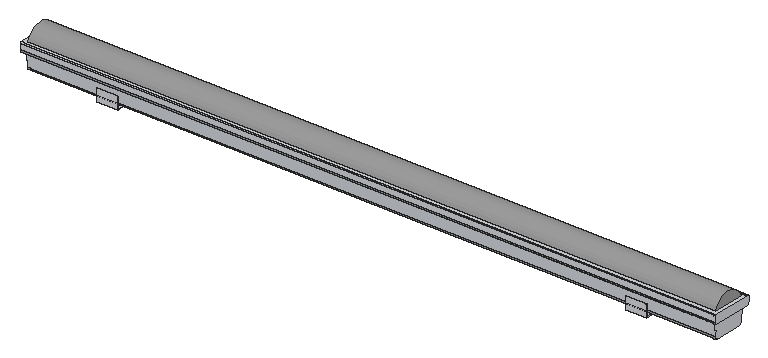
Revit family "0010269", category Lighting Fixtures, host Face, Revit 2017
Family settings
  Host = Face
  Round Connector Dimension = Use Diameter
  Part Type = Normal
  OmniClass Number = 23.80.70.00
  OmniClass Title = Lighting
  Cut with Voids When Loaded = No
  Light Source = Yes
  Shared = No
  Room Calculation Point = No
Parameters (values of type "0010269 RESISTO 1500 HE IP66 7100LM 840")
  Weight = "1.95 kg"
  Wattage Comments = ""
  Wattage = 46 W
  WarrantyStartDate [instance] = "n/a"
  WarrantyGuarantorParts = "n/a"
  WarrantyDurationUnit = "n/a"
  WarrantyDurationParts = "n/a"
  WarrantyDescription = "n/a"
  WIDTH_SYL = 44.5 mm
  built-in parameter 1150110 = 1 (stored number, unit not read)
  Voltage = 0 V
  URL = "http://www.sylvania-lighting.com"
  TypeName = "Resisto  1500 HE IP66 7100lm 840"
  Type Image = <None>
  Type Comments = "n/a"
  built-in parameter 1114217 = 1 (stored number, unit not read)
  Tilt Angle = -90.00°
  built-in parameter 1150109 = 1 (stored number, unit not read)
  built-in parameter 1150134 = 12
  TOP_WIDTH_SYL = 33.5 mm
  built-in parameter 1150113 = 1 (stored number, unit not read)
  SerialNumber [instance] = "n/a"
  Photometric Web File = "0010269.ies"
  Material_3_SYL = none
  PowerFactor = 0.95
  PowerConsumption = "46 W"
  NominalLength = 1500 mm
  NominalHeight = 80 mm
  NominalDepth = 87 mm
  Name = "Resisto  1500 HE IP66 7100lm 840"
  ModelReference = Name  # "Resisto  1500 HE IP66 7100lm 840"
  ModelNumber = "0010269"
  Model = Name  # "Resisto  1500 HE IP66 7100lm 840"
  Material = "pc polycarbonate housing, pc polycarbonate diffuser"
  ManufacturerName = "Feilo Sylvania"
  Manufacturer = "Feilo Sylvania"
  MID_WIDTH_SYL = 36 mm
  LuminousEfficacy = "154 lm/W"
  built-in parameter 1150105 = 2362.2 (stored number, unit not read)
  Lumens = 7084 lm
  LuminaireType = ""
  built-in parameter 1150115 = 1 (stored number, unit not read)
  LightOutputRatio = "n/a"
  built-in parameter 1150137 = (empty or 0)
  built-in parameter 1150139 = (empty or 0)
  LampsType = Lamp  # "LED"
  LampNominalLuminous = "7100 lm"
  LampMacAdamStep = "3"
  LampColourTemperature = "4000 K"
  LampColourRenderingIndex = "80"
  built-in parameter 1150112 = 1 (stored number, unit not read)
  built-in parameter 1150114 = 1 (stored number, unit not read)
  Lamp = "LED"
  LENGHT_SYL = if(L1500_SYL, 742 mm, if(L1200_SYL, 592 mm, 317 mm))  # 742 mm
  LENGHT_CHAMFER_SYL = if(L1500_SYL, 750 mm, if(L1200_SYL, 600 mm, 325 mm))  # 750 mm
  LENGHT_650_SYL = 325 mm
  LENGHT-_SYL = if(L1500_SYL, -742 mm, if(L1200_SYL, -592 mm, -317 mm))  # -742 mm
  LENGHT-_CHAMFER_SYL = if(L1500_SYL, -750 mm, if(L1200_SYL, -600 mm, -325 mm))  # -750 mm
  LEGHT_650-_SYL = -325 mm
  LEGHT_1500_SYL = 750 mm
  LEGHT_1500-_SYL = -750 mm
  LEGHT_1200_SYL = 600 mm
  LEGHT_1200-_SYL = -600 mm
  L0650_SYL = no
  L1500_SYL = yes
  L1200_SYL = no
  Keynote = "16500"
  InstallationDate [instance] = "n/a"
  InputVoltage = "n/a"
  InputNominalFrequency = "n/a"
  built-in parameter 1150132 = (empty or 0)
  built-in parameter 1150102 = (empty or 0)
  built-in parameter 1150107 = 4000 (stored number, unit not read)
  built-in parameter 1150138 = (empty or 0)
  IngressProtection = "IP66"
  ImpactProtectionIndex = "IK08"
  built-in parameter 1150106 = 23.622 (stored number, unit not read)
  IfcExportType = "IfcLightFixtureType"
  IfcExportAs = "IfcLightFixtureType"
  Emit from Circle Diameter = 609.6 mm
  Emit Shape Visible in Rendering = no
  ElectricShockClassification = "Class I"
  built-in parameter 1150104 = 14.307 (stored number, unit not read)
  DocumentationLiterature = "http://www.sylvania-lighting.com/product/en-int/products/0010269"
  DimmingControlOptions = "n/a"
  Material_2_SYL = none
  Dimming Lamp Color Temperature Shift = <None>
  Description = "Resisto, integrated LED weatherproof luminaire, with UV stabilized flat diffuser designed to achieve uniform lit appearance, optimise light output and to reduce glare. 301 stainless steel diffuser clips and fixing brackets for surface mounting. Polycarbonate housing and diffuser - no yellow discolouration over time. 7100lm; 46W; 154lm/W; 4000K; SDCM<3; non dimmable; CRI80; IP66; IK08; Class I; 69,000hrs (L80B20) lifespan; 1500mm x 89mm x 88mm; D-mark."
  Default Elevation = 1219.2 mm
  DIF_WIDHT_SYL = 35 mm
  DIF_HEIGHT_SYL = 24 mm
  CreatedOn = "3/10/2021"
  CreatedBy = "@sylvania-lighting.com"
  Cost = 0
  Color Filter = 16777215
  built-in parameter 1114216 [instance] = (empty or 0)
  ClassificationValue = "EF_70_80"
  ClassificationName = "Uniclass2015"
  Material_1_SYL = Default
  CHAMFER_SYL = 19 mm
  BarCode [instance] = "n/a"
  built-in parameter 1114218 = 1 (stored number, unit not read)
  BRACKET_WIDTH_SYL = BRACKET_DIST_SYL - 44 mm  # 550 mm
  BRACKET_HEIGHT_SYL = 9 mm
  BRACKET_DIST_SYL = LENGHT_CHAMFER_SYL - 156 mm  # 594 mm
  BODY_SYL = 36 mm
  built-in parameter 1150133 = 10 (stored number, unit not read)
  AssetType = "Fixed"
  AssetIdentifier [instance] = "n/a"
  Assembly Code = "D5020200"
  Apparent Load = 46 VA
  Material_4_SYL = none
Reference planes
  plane 1 "Center (Front/Back)": y = 0
  plane 2: z = 0
  plane 3 "Center (Left/Right)": x = 0
  plane 4: z = 9
  plane 5: z = 45
  plane 6: z = 64
  plane 7: z = 88
  plane 8: y = -44.5
  plane 9: y = 44.5
  plane 10: y = -35
  plane 11: y = 35
  plane 12: y = 33.5
  plane 13: y = -33.5
  plane 14: y = -36
  plane 15: y = 36
  plane 16: z = 1
Forms (mm)
  Extrusion 1, solid
    sketch origin (319, 1524, 1219.2) x (0, 1, 0) y (0, 0, 1)
      loop
        line (-1552.835, -1210.2) -> (-1495.165, -1210.2)
        arc (-1495.165, -1210.2) -> (-1491.754, -1208.856) -> (-1490.177, -1205.546) r 5
        line (-1490.177, -1205.546) -> (-1488.323, -1178.854) -> (-1488, -1174.2) -> (-1560, -1174.2) -> (-1559.677, -1178.854) -> (-1557.823, -1205.546)
        arc (-1557.823, -1205.546) -> (-1556.246, -1208.856) -> (-1552.835, -1210.2) r 5
    from -742 <- "LENGHT-_SYL" to 742 <- "LENGHT_SYL"
  Extrusion 2, solid, material "Default" <- "Material_1_SYL"
    sketch origin (319, 1524, 1219.2) x (0, 1, 0) y (0, 0, 1)
      loop
        arc (-1490.5, -1155.2) -> (-1524, -1131.2) -> (-1557.5, -1155.2) r 35.38
        line (-1557.5, -1155.2) -> (-1490.5, -1155.2)
    from -742 <- "LENGHT-_SYL" to 742 <- "LENGHT_SYL"
  Extrusion 3, solid
    sketch origin (319, 1524, 1219.2) x (0, 1, 0) y (0, 0, 1)
      loop
        line (-1481.5, -1155.2) -> (-1566.5, -1155.2)
        arc (-1566.5, -1155.2) -> (-1567.914, -1155.786) -> (-1568.5, -1157.2) r 2
        line (-1568.5, -1157.2) -> (-1568.5, -1169.2)
        arc (-1568.5, -1169.2) -> (-1567.036, -1172.736) -> (-1563.5, -1174.2) r 5
        line (-1563.5, -1174.2) -> (-1484.5, -1174.2)
        arc (-1484.5, -1174.2) -> (-1480.964, -1172.736) -> (-1479.5, -1169.2) r 5
        line (-1479.5, -1169.2) -> (-1479.5, -1157.2)
        arc (-1479.5, -1157.2) -> (-1480.086, -1155.786) -> (-1481.5, -1155.2) r 2
    from -750 <- "LENGHT-_CHAMFER_SYL" to 750 <- "LENGHT_CHAMFER_SYL"
  Extrusion 4, solid
    sketch origin (319, 1524, 1219.2) x (0, 1, 0) y (0, 0, 1)
      loop
        line (-1489, -1219.2) -> (-1489, -1192.216) -> (-1490.5, -1192.216) -> (-1490.5, -1218.2) -> (-1557.5, -1218.2) -> (-1557.5, -1192.172) -> (-1559, -1192.172) -> (-1559, -1219.2) -> (-1489, -1219.2)
    from 550 <- "BRACKET_WIDTH_SYL" to 594 <- "BRACKET_DIST_SYL"
  Extrusion 5, solid
    sketch origin (321, 1524, 1219.2) x (0, 1, 0) y (0, 0, -1)
      loop
        line (-1489, 1219.2) -> (-1559, 1219.2) -> (-1559, 1192.172) -> (-1557.5, 1192.172) -> (-1557.5, 1218.2) -> (-1490.5, 1218.2) -> (-1490.5, 1192.216) -> (-1489, 1192.216) -> (-1489, 1219.2)
    from 550 <- "BRACKET_WIDTH_SYL" to 594 <- "BRACKET_DIST_SYL"
Dimensions and locks
  "BRACKET_HEIGHT_SYL": plane 4 to host face
  "BODY_SYL": plane 4 to plane 5
  "CHAMFER_SYL": plane 5 to plane 6
  "DIF_HEIGHT_SYL": plane 6 to plane 7
  "WIDTH_SYL": plane 9 to plane 1 "Center (Front/Back)" to plane 8
  "DIF_WIDHT_SYL": plane 11 to plane 1 "Center (Front/Back)" to plane 10
  "TOP_WIDTH_SYL": plane 12 to plane 1 "Center (Front/Back)" to plane 13
  "MID_WIDTH_SYL": plane 15 to plane 1 "Center (Front/Back)" to plane 14
  aligned and locked: plane 2 to host face
  aligned and locked: level to host face
  aligned and locked: Extrusion 3 sketch curve to plane 6
  aligned and locked: Extrusion 3 sketch curve to plane 9
  aligned and locked: plane 5 to Extrusion 3 sketch curve
  aligned and locked: plane 8 to Extrusion 3 sketch curve
Automatic sketch dimensions
  host sketch curve to host sketch curve = 2438.4 mm  (x2)
  plane 5 to Extrusion 1 sketch curve = 0 mm
  Extrusion 1 sketch curve to plane 14 = 0 mm
  plane 4 to Extrusion 1 sketch curve = 0 mm
  Extrusion 1 sketch curve to plane 15 = 0 mm
  Extrusion 1 sketch curve to plane 14 = 0.323 mm
  plane 13 to Extrusion 1 sketch curve = 0.323 mm
  Extrusion 1 sketch curve to plane 13 = 4.665 mm
  plane 12 to Extrusion 1 sketch curve = 4.665 mm
  Extrusion 1 sketch curve to plane 12 = 0.323 mm
  plane 15 to Extrusion 1 sketch curve = 0.323 mm
  Extrusion 1 sketch curve to plane 4 = 4.654 mm  (x2)
  plane 5 to Extrusion 1 sketch curve = 4.654 mm  (x2)
  plane 6 to Extrusion 2 sketch curve = 0 mm
  Extrusion 2 sketch curve to plane 13 = 0 mm
  Extrusion 2 sketch curve to plane 1 "Center (Front/Back)" = 0 mm
  Extrusion 2 sketch curve to plane 5 = 7.62 mm
  Extrusion 3 sketch curve to plane 8 = 2 mm
  plane 14 to Extrusion 3 sketch curve = 3.5 mm
  Extrusion 3 sketch curve to plane 15 = 3.5 mm
  plane 6 to Extrusion 3 sketch curve = 2 mm
  Extrusion 4 sketch curve to level = 0 mm
  Extrusion 4 sketch curve to plane 10 = 0 mm
  Extrusion 4 sketch curve to plane 13 = 0 mm
  Extrusion 4 sketch curve to plane 12 = 0 mm
  Extrusion 4 sketch curve to plane 11 = 0 mm
  plane 16 to Extrusion 4 sketch curve = 0 mm
  Extrusion 4 sketch curve to plane 4 = 17.984 mm
  plane 5 to Extrusion 4 sketch curve = 17.972 mm
  Extrusion 5 sketch curve to level = 0 mm
  Extrusion 5 sketch curve to plane 10 = 0 mm
  Extrusion 5 sketch curve to plane 13 = 0 mm
  Extrusion 5 sketch curve to plane 12 = 0 mm
  Extrusion 5 sketch curve to plane 11 = 0 mm
  plane 16 to Extrusion 5 sketch curve = 0 mm
  Extrusion 5 sketch curve to plane 4 = 17.984 mm
  plane 5 to Extrusion 5 sketch curve = 17.972 mm
Connectors
  electrical at (-423, 0, 27)
    settings: on Extrusion 1, index 1, voltage 0 V, apparent load 0 VA, apparent load phase1 0 VA, apparent load phase2 0 VA, apparent load phase3 0 VA, power factor 1, load classification "Other", number of poles 1, system type 31, power factor state 1, is connector primary yes, connector utility no, sub classification motor no, connector description ""
Types (60, lengths in mm): name | Weight | Wattage | TypeName | built-in parameter 1150134 | Photometric Web File | PowerFactor | PowerConsumption | NominalLength | Name | ModelReference | ModelNumber | Model | LuminousEfficacy | built-in parameter 1150105 | Lumens | LampNominalLuminous | LampMacAdamStep | LampColourTemperature | LENGHT_SYL | LENGHT_CHAMFER_SYL | LENGHT-_SYL | LENGHT-_CHAMFER_SYL | L0650_SYL | L1500_SYL | L1200_SYL | built-in parameter 1150107 | built-in parameter 1150106 | built-in parameter 1150104 | DocumentationLiterature | Description | BRACKET_WIDTH_SYL | BRACKET_DIST_SYL | Apparent Load
  0010278 RESISTO 1500 HE IP66 8300LM 840 | "1.95 kg" | 54 W | "Resisto 1500 HE IP66 8300lm 840" | 12 | "0010278.ies" | 0.95 | "54 W" | 1500 | "Resisto 1500 HE IP66 8300lm 840" | "Resisto 1500 HE IP66 8300lm 840" | "0010278" | "Resisto 1500 HE IP66 8300lm 840" | "154 lm/W" | 2674.3 (stored number, unit not read) | 8316 lm | "8300 lm" | "3" | "4000 K" | 742 | 750 | -742 | -750 | no | yes | no | 4000 (stored number, unit not read) | 26.743 (stored number, unit not read) | 14.307 (stored number, unit not read) | "http://www.sylvania-lighting.com/product/en-int/products/0010278" | "Resisto, integrated LED weatherproof luminaire, with UV stabilized flat diffuser designed to achieve uniform lit appearance, optimise light output and to reduce glare. 301 stainless steel diffuser clips and fixing brackets for surface mounting. Polycarbonate housing and diffuser - no yellow discolouration over time. 8300lm; 54W; 154lm/W; 4000K; SDCM<3; non dimmable; CRI80; IP66; IK08; Class I; 69,000hrs (L80B20) lifespan; 1500mm x 89mm x 88mm; D-mark." | 550 | 594 | 54 VA
  0010274 RESISTO 1500 HE IP66 DALI 7100LM 840 | "2.01 kg" | 46 W | "Resisto 1500 HE IP66 DALI 7100lm 840" | 12 | "0010274.ies" | 0.98 | "46 W" | 1500 | "Resisto 1500 HE IP66 DALI 7100lm 840" | "Resisto 1500 HE IP66 DALI 7100lm 840" | "0010274" | "Resisto 1500 HE IP66 DALI 7100lm 840" | "154 lm/W" | 2362.2 (stored number, unit not read) | 7084 lm | "7100 lm" | "3" | "4000 K" | 742 | 750 | -742 | -750 | no | yes | no | 4000 (stored number, unit not read) | 23.622 (stored number, unit not read) | 14.307 (stored number, unit not read) | "http://www.sylvania-lighting.com/product/en-int/products/0010274" | "Resisto, integrated LED weatherproof luminaire, with UV stabilized flat diffuser designed to achieve uniform lit appearance, optimise light output and to reduce glare. 301 stainless steel diffuser clips and fixing brackets for surface mounting. Polycarbonate housing and diffuser - no yellow discolouration over time. 7100lm; 46W; 154lm/W; 4000K; SDCM<3; DALI dimmable; CRI80; IP66; IK08; Class I; 69,000hrs (L80B20) lifespan; 1500mm x 89mm x 88mm; D-mark." | 550 | 594 | 46 VA
  0010273 RESISTO 1500 HE IP66 DALI 4000LM 840 | "1.95 kg" | 25 W | "Resisto 1500 HE IP66 DALI 4000lm 840" | 12 | "0010273.ies" | 0.98 | "25 W" | 1500 | "Resisto 1500 HE IP66 DALI 4000lm 840" | "Resisto 1500 HE IP66 DALI 4000lm 840" | "0010273" | "Resisto 1500 HE IP66 DALI 4000lm 840" | "160 lm/W" | 1286.3 (stored number, unit not read) | 4000 lm | "4000 lm" | "3" | "4000 K" | 742 | 750 | -742 | -750 | no | yes | no | 4000 (stored number, unit not read) | 12.863 (stored number, unit not read) | 14.864 (stored number, unit not read) | "http://www.sylvania-lighting.com/product/en-int/products/0010273" | "Resisto, integrated LED weatherproof luminaire, with UV stabilized flat diffuser designed to achieve uniform lit appearance, optimise light output and to reduce glare. 301 stainless steel diffuser clips and fixing brackets for surface mounting. Polycarbonate housing and diffuser - no yellow discolouration over time. 4000lm; 25W; 160lm/W; 4000K; SDCM<3; DALI dimmable; CRI80; IP66; IK08; Class I; 69,000hrs (L80B20) lifespan; 1500mm x 89mm x 88mm; D-mark." | 550 | 594 | 25 VA
  0010272 RESISTO 1500 HE IP66 7100LM 840 EM | "2.58 kg" | 50 W | "Resisto 1500 HE IP66 7100lm 840 EM" | 12 | "0010272.ies" | 0.95 | "50 W" | 1500 | "Resisto 1500 HE IP66 7100lm 840 EM" | "Resisto 1500 HE IP66 7100lm 840 EM" | "0010272" | "Resisto 1500 HE IP66 7100lm 840 EM" | "142 lm/W" | 2367.5 (stored number, unit not read) | 7100 lm | "7100 lm" | "3" | "4000 K" | 742 | 750 | -742 | -750 | no | yes | no | 4000 (stored number, unit not read) | 23.675 (stored number, unit not read) | 13.192 (stored number, unit not read) | "http://www.sylvania-lighting.com/product/en-int/products/0010272" | "Resisto, integrated LED weatherproof luminaire, with UV stabilized flat diffuser designed to achieve uniform lit appearance, optimise light output and to reduce glare. 301 stainless steel diffuser clips and fixing brackets for surface mounting. Polycarbonate housing and diffuser - no yellow discolouration over time. 7100lm; 50W; 142lm/W; 4000K; SDCM<3; non dimmable; CRI80; IP66; IK08; Class I; 69,000hrs (L80B20) lifespan; 1500mm x 89mm x 88mm; D-mark; 3-hour maintained emergency batteries." | 550 | 594 | 50 VA
  0010271 RESISTO 1500 HE IP66 4000LM 840 EM | "2.51 kg" | 29 W | "Resisto 1500 HE IP66 4000lm 840 EM" | 12 | "0010271.ies" | 0.95 | "29 W" | 1500 | "Resisto 1500 HE IP66 4000lm 840 EM" | "Resisto 1500 HE IP66 4000lm 840 EM" | "0010271" | "Resisto 1500 HE IP66 4000lm 840 EM" | "138 lm/W" | 1287 (stored number, unit not read) | 4002 lm | "4000 lm" | "3" | "4000 K" | 742 | 750 | -742 | -750 | no | yes | no | 4000 (stored number, unit not read) | 12.87 (stored number, unit not read) | 12.821 (stored number, unit not read) | "http://www.sylvania-lighting.com/product/en-int/products/0010271" | "Resisto, integrated LED weatherproof luminaire, with UV stabilized flat diffuser designed to achieve uniform lit appearance, optimise light output and to reduce glare. 301 stainless steel diffuser clips and fixing brackets for surface mounting. Polycarbonate housing and diffuser - no yellow discolouration over time. 4000lm; 29W; 138lm/W; 4000K; SDCM<3; non dimmable; CRI80; IP66; IK08; Class I; 69,000hrs (L80B20) lifespan; 1500mm x 89mm x 88mm; D-mark; 3-hour maintained emergency batteries." | 550 | 594 | 29 VA
  0010269 RESISTO 1500 HE IP66 7100LM 840 | "1.95 kg" | 46 W | "Resisto  1500 HE IP66 7100lm 840" | 12 | "0010269.ies" | 0.95 | "46 W" | 1500 | "Resisto  1500 HE IP66 7100lm 840" | "Resisto  1500 HE IP66 7100lm 840" | "0010269" | "Resisto  1500 HE IP66 7100lm 840" | "154 lm/W" | 2362.2 (stored number, unit not read) | 7084 lm | "7100 lm" | "3" | "4000 K" | 742 | 750 | -742 | -750 | no | yes | no | 4000 (stored number, unit not read) | 23.622 (stored number, unit not read) | 14.307 (stored number, unit not read) | "http://www.sylvania-lighting.com/product/en-int/products/0010269" | "Resisto, integrated LED weatherproof luminaire, with UV stabilized flat diffuser designed to achieve uniform lit appearance, optimise light output and to reduce glare. 301 stainless steel diffuser clips and fixing brackets for surface mounting. Polycarbonate housing and diffuser - no yellow discolouration over time. 7100lm; 46W; 154lm/W; 4000K; SDCM<3; non dimmable; CRI80; IP66; IK08; Class I; 69,000hrs (L80B20) lifespan; 1500mm x 89mm x 88mm; D-mark." | 550 | 594 | 46 VA
  0010268 RESISTO 1500 HE IP66 4000LM 840 | "1.87 kg" | 25 W | "Resisto  1500 HE IP66 4000lm 840" | 12 | "0010268.ies" | 0.95 | "25 W" | 1500 | "Resisto  1500 HE IP66 4000lm 840" | "Resisto  1500 HE IP66 4000lm 840" | "0010268" | "Resisto  1500 HE IP66 4000lm 840" | "160 lm/W" | 1286.3 (stored number, unit not read) | 4000 lm | "4000 lm" | "3" | "4000 K" | 742 | 750 | -742 | -750 | no | yes | no | 4000 (stored number, unit not read) | 12.863 (stored number, unit not read) | 14.864 (stored number, unit not read) | "http://www.sylvania-lighting.com/product/en-int/products/0010268" | "Resisto, integrated LED weatherproof luminaire, with UV stabilized flat diffuser designed to achieve uniform lit appearance, optimise light output and to reduce glare. 301 stainless steel diffuser clips and fixing brackets for surface mounting. Polycarbonate housing and diffuser - no yellow discolouration over time. 4000lm; 25W; 160lm/W; 4000K; SDCM<3; non dimmable; CRI80; IP66; IK08; Class I; 69,000hrs (L80B20) lifespan; 1500mm x 89mm x 88mm; D-mark." | 550 | 594 | 25 VA
  0010261 RESISTO 1500 IP66 DALI 8300LM 840 | "2.01 kg" | 61 W | "Resisto  1500 IP66 DALI 8300lm 840" | 12 | "0010261.ies" | 0.99 | "61 W" | 1500 | "Resisto  1500 IP66 DALI 8300lm 840" | "Resisto  1500 IP66 DALI 8300lm 840" | "0010261" | "Resisto  1500 IP66 DALI 8300lm 840" | "136 lm/W" | 2792.8 (stored number, unit not read) | 8296 lm | "8300 lm" | "5" | "4000 K" | 742 | 750 | -742 | -750 | no | yes | no | 4000 (stored number, unit not read) | 27.928 (stored number, unit not read) | 12.635 (stored number, unit not read) | "http://www.sylvania-lighting.com/product/en-int/products/0010261" | "Resisto, integrated LED weatherproof luminaire, with UV stabilized flat diffuser designed to achieve uniform lit appearance, optimise light output and to reduce glare. 301 stainless steel diffuser clips and fixing brackets for surface mounting. Polycarbonate housing and diffuser - no yellow discolouration over time. 8300lm; 61W; 136lm/W; 4000K; SDCM<5; DALI dimmable; CRI80; IP66; IK08; Class I; 69,000hrs (L80B20) lifespan; 1500mm x 89mm x 88mm; D-mark." | 550 | 594 | 61 VA
  0010260 RESISTO 1500 IP66 DALI 7100LM 840 | "2.01 kg" | 52 W | "Resisto  1500 IP66 DALI 7100lm 840" | 12 | "0010260.ies" | 0.99 | "52 W" | 1500 | "Resisto  1500 IP66 DALI 7100lm 840" | "Resisto  1500 IP66 DALI 7100lm 840" | "0010260" | "Resisto  1500 IP66 DALI 7100lm 840" | "137 lm/W" | 2375.5 (stored number, unit not read) | 7124 lm | "7100 lm" | "5" | "4000 K" | 742 | 750 | -742 | -750 | no | yes | no | 4000 (stored number, unit not read) | 23.755 (stored number, unit not read) | 12.728 (stored number, unit not read) | "http://www.sylvania-lighting.com/product/en-int/products/0010260" | "Resisto, integrated LED weatherproof luminaire, with UV stabilized flat diffuser designed to achieve uniform lit appearance, optimise light output and to reduce glare. 301 stainless steel diffuser clips and fixing brackets for surface mounting. Polycarbonate housing and diffuser - no yellow discolouration over time. 7100lm; 52W; 137lm/W; 4000K; SDCM<5; DALI dimmable; CRI80; IP66; IK08; Class I; 69,000hrs (L80B20) lifespan; 1500mm x 89mm x 88mm; D-mark." | 550 | 594 | 52 VA
  0010259 RESISTO 1500 IP66 DALI 4000LM 840 | "1.95 kg" | 30 W | "Resisto  1500 IP66 DALI 4000lm 840" | 12 | "0010259.ies" | 0.98 | "30 W" | 1500 | "Resisto  1500 IP66 DALI 4000lm 840" | "Resisto  1500 IP66 DALI 4000lm 840" | "0010259" | "Resisto  1500 IP66 DALI 4000lm 840" | "133 lm/W" | 1283.1 (stored number, unit not read) | 3990 lm | "4000 lm" | "5" | "4000 K" | 742 | 750 | -742 | -750 | no | yes | no | 4000 (stored number, unit not read) | 12.831 (stored number, unit not read) | 12.356 (stored number, unit not read) | "http://www.sylvania-lighting.com/product/en-int/products/0010259" | "Resisto, integrated LED weatherproof luminaire, with UV stabilized flat diffuser designed to achieve uniform lit appearance, optimise light output and to reduce glare. 301 stainless steel diffuser clips and fixing brackets for surface mounting. Polycarbonate housing and diffuser - no yellow discolouration over time. 4000lm; 30W; 133lm/W; 4000K; SDCM<5; DALI dimmable; CRI80; IP66; IK08; Class I; 69,000hrs (L80B20) lifespan; 1500mm x 89mm x 88mm; D-mark." | 550 | 594 | 30 VA
  0010258 RESISTO 1500 IP66 MWCOR 7100LM 840 | "2.06 kg" | 52 W | "Resisto  1500 IP66 MWcor 7100lm 840" | 12 | "0010258.ies" | 0.99 | "52 W" | 1500 | "Resisto  1500 IP66 MWcor 7100lm 840" | "Resisto  1500 IP66 MWcor 7100lm 840" | "0010258" | "Resisto  1500 IP66 MWcor 7100lm 840" | "137 lm/W" | 2375.5 (stored number, unit not read) | 7124 lm | "7100 lm" | "5" | "4000 K" | 742 | 750 | -742 | -750 | no | yes | no | 4000 (stored number, unit not read) | 23.755 (stored number, unit not read) | 12.728 (stored number, unit not read) | "http://www.sylvania-lighting.com/product/en-int/products/0010258" | "Resisto, integrated LED weatherproof luminaire, with UV stabilized flat diffuser designed to achieve uniform lit appearance, optimise light output and to reduce glare. 301 stainless steel diffuser clips and fixing brackets for surface mounting. Polycarbonate housing and diffuser - no yellow discolouration over time. 7100lm; 52W; 137lm/W; 4000K; SDCM<5; non dimmable; CRI80; IP66; IK08; Class I; 69,000hrs (L80B20) lifespan; 1500mm x 89mm x 88mm; D-mark; corridor function with microwave presence sensor." | 550 | 594 | 52 VA
  0010257 RESISTO 1500 IP66 MWCOR 4000LM 840 | "2.0 kg" | 30 W | "Resisto  1500 IP66 MWcor 4000lm 840" | 12 | "0010257.ies" | 0.98 | "30 W" | 1500 | "Resisto  1500 IP66 MWcor 4000lm 840" | "Resisto  1500 IP66 MWcor 4000lm 840" | "0010257" | "Resisto  1500 IP66 MWcor 4000lm 840" | "133 lm/W" | 1283.1 (stored number, unit not read) | 3990 lm | "4000 lm" | "5" | "4000 K" | 742 | 750 | -742 | -750 | no | yes | no | 4000 (stored number, unit not read) | 12.831 (stored number, unit not read) | 12.356 (stored number, unit not read) | "http://www.sylvania-lighting.com/product/en-int/products/0010257" | "Resisto, integrated LED weatherproof luminaire, with UV stabilized flat diffuser designed to achieve uniform lit appearance, optimise light output and to reduce glare. 301 stainless steel diffuser clips and fixing brackets for surface mounting. Polycarbonate housing and diffuser - no yellow discolouration over time. 4000lm; 30W; 133lm/W; 4000K; SDCM<5; non dimmable; CRI80; IP66; IK08; Class I; 69,000hrs (L80B20) lifespan; 1500mm x 89mm x 88mm; D-mark; corridor function with microwave presence sensor." | 550 | 594 | 30 VA
  0010256 RESISTO 1500 IP66 MW 7100LM 840 | "2.0 kg" | 52 W | "Resisto  1500 IP66 MW 7100lm 840" | 12 | "0010256.ies" | 0.95 | "52 W" | 1500 | "Resisto  1500 IP66 MW 7100lm 840" | "Resisto  1500 IP66 MW 7100lm 840" | "0010256" | "Resisto  1500 IP66 MW 7100lm 840" | "137 lm/W" | 2375.5 (stored number, unit not read) | 7124 lm | "7100 lm" | "5" | "4000 K" | 742 | 750 | -742 | -750 | no | yes | no | 4000 (stored number, unit not read) | 23.755 (stored number, unit not read) | 12.728 (stored number, unit not read) | "http://www.sylvania-lighting.com/product/en-int/products/0010256" | "Resisto, integrated LED weatherproof luminaire, with UV stabilized flat diffuser designed to achieve uniform lit appearance, optimise light output and to reduce glare. 301 stainless steel diffuser clips and fixing brackets for surface mounting. Polycarbonate housing and diffuser - no yellow discolouration over time. 7100lm; 52W; 137lm/W; 4000K; SDCM<5; non dimmable; CRI80; IP66; IK08; Class I; 69,000hrs (L80B20) lifespan; 1500mm x 89mm x 88mm; D-mark; MW On/Off." | 550 | 594 | 52 VA
  0010255 RESISTO 1500 IP66 MW 4000LM 840 | "1.92 kg" | 30 W | "Resisto  1500 IP66 MW 4000lm 840" | 12 | "0010255.ies" | 0.95 | "30 W" | 1500 | "Resisto  1500 IP66 MW 4000lm 840" | "Resisto  1500 IP66 MW 4000lm 840" | "0010255" | "Resisto  1500 IP66 MW 4000lm 840" | "133 lm/W" | 1283.1 (stored number, unit not read) | 3990 lm | "4000 lm" | "5" | "4000 K" | 742 | 750 | -742 | -750 | no | yes | no | 4000 (stored number, unit not read) | 12.831 (stored number, unit not read) | 12.356 (stored number, unit not read) | "http://www.sylvania-lighting.com/product/en-int/products/0010255" | "Resisto, integrated LED weatherproof luminaire, with UV stabilized flat diffuser designed to achieve uniform lit appearance, optimise light output and to reduce glare. 301 stainless steel diffuser clips and fixing brackets for surface mounting. Polycarbonate housing and diffuser - no yellow discolouration over time. 4000lm; 30W; 133lm/W; 4000K; SDCM<5; non dimmable; CRI80; IP66; IK08; Class I; 69,000hrs (L80B20) lifespan; 1500mm x 89mm x 88mm; D-mark; MW On/Off." | 550 | 594 | 30 VA
  0010254 RESISTO 1500 IP66 7100LM 840 EM | "2.59 kg" | 56 W | "Resisto  1500 IP66 7100lm 840 EM" | 12 | "0010254.ies" | 0.95 | "56 W" | 1500 | "Resisto  1500 IP66 7100lm 840 EM" | "Resisto  1500 IP66 7100lm 840 EM" | "0010254" | "Resisto  1500 IP66 7100lm 840 EM" | "127 lm/W" | 2371.5 (stored number, unit not read) | 7112 lm | "7100 lm" | "5" | "4000 K" | 742 | 750 | -742 | -750 | no | yes | no | 4000 (stored number, unit not read) | 23.715 (stored number, unit not read) | 11.799 (stored number, unit not read) | "http://www.sylvania-lighting.com/product/en-int/products/0010254" | "Resisto, integrated LED weatherproof luminaire, with UV stabilized flat diffuser designed to achieve uniform lit appearance, optimise light output and to reduce glare. 301 stainless steel diffuser clips and fixing brackets for surface mounting. Polycarbonate housing and diffuser - no yellow discolouration over time. 7100lm; 56W; 127lm/W; 4000K; SDCM<5; non dimmable; CRI80; IP66; IK08; Class I; 69,000hrs (L80B20) lifespan; 1500mm x 89mm x 88mm; D-mark; 3-hour maintained emergency batteries." | 550 | 594 | 56 VA
  0010253 RESISTO 1500 IP66 4000LM 840 EM | "2.5 kg" | 34 W | "Resisto  1500 IP66 4000lm 840 EM" | 12 | "0010253.ies" | 0.95 | "34 W" | 1500 | "Resisto  1500 IP66 4000lm 840 EM" | "Resisto  1500 IP66 4000lm 840 EM" | "0010253" | "Resisto  1500 IP66 4000lm 840 EM" | "118 lm/W" | 1290.2 (stored number, unit not read) | 4012 lm | "4000 lm" | "5" | "4000 K" | 742 | 750 | -742 | -750 | no | yes | no | 4000 (stored number, unit not read) | 12.902 (stored number, unit not read) | 10.963 (stored number, unit not read) | "http://www.sylvania-lighting.com/product/en-int/products/0010253" | "Resisto, integrated LED weatherproof luminaire, with UV stabilized flat diffuser designed to achieve uniform lit appearance, optimise light output and to reduce glare. 301 stainless steel diffuser clips and fixing brackets for surface mounting. Polycarbonate housing and diffuser - no yellow discolouration over time. 4000lm; 34W; 118lm/W; 4000K; SDCM<5; non dimmable; CRI80; IP66; IK08; Class I; 69,000hrs (L80B20) lifespan; 1500mm x 89mm x 88mm; D-mark; 3-hour maintained emergency batteries." | 550 | 594 | 34 VA
  0010252 RESISTO 1500 IP66 7100LM 840 5XTH | "2.18 kg" | 52 W | "Resisto 1500 IP66 7100lm 840 5xTH" | 12 | "0010252.ies" | 0.95 | "52 W" | 1500 | "Resisto 1500 IP66 7100lm 840 5xTH" | "Resisto 1500 IP66 7100lm 840 5xTH" | "0010252" | "Resisto 1500 IP66 7100lm 840 5xTH" | "137 lm/W" | 2375.5 (stored number, unit not read) | 7124 lm | "7100 lm" | "5" | "4000 K" | 742 | 750 | -742 | -750 | no | yes | no | 4000 (stored number, unit not read) | 23.755 (stored number, unit not read) | 12.728 (stored number, unit not read) | "http://www.sylvania-lighting.com/product/en-int/products/0010252" | "Resisto, integrated LED weatherproof luminaire, with UV stabilized flat diffuser designed to achieve uniform lit appearance, optimise light output and to reduce glare. 301 stainless steel diffuser clips and fixing brackets for surface mounting. Polycarbonate housing and diffuser - no yellow discolouration over time. 7100lm; 52W; 137lm/W; 4000K; SDCM<5; non dimmable; CRI80; IP66; IK08; Class I; 69,000hrs (L80B20) lifespan; 1500mm x 89mm x 88mm; D-mark; through wiring." | 550 | 594 | 52 VA
  0010251 RESISTO 1500 IP66 4000LM 840 5XTH | "2.1 kg" | 30 W | "Resisto 1500 IP66 4000lm 840 5xTH" | 12 | "0010251.ies" | 0.95 | "30 W" | 1500 | "Resisto 1500 IP66 4000lm 840 5xTH" | "Resisto 1500 IP66 4000lm 840 5xTH" | "0010251" | "Resisto 1500 IP66 4000lm 840 5xTH" | "133 lm/W" | 1283.1 (stored number, unit not read) | 3990 lm | "4000 lm" | "5" | "4000 K" | 742 | 750 | -742 | -750 | no | yes | no | 4000 (stored number, unit not read) | 12.831 (stored number, unit not read) | 12.356 (stored number, unit not read) | "http://www.sylvania-lighting.com/product/en-int/products/0010251" | "Resisto, integrated LED weatherproof luminaire, with UV stabilized flat diffuser designed to achieve uniform lit appearance, optimise light output and to reduce glare. 301 stainless steel diffuser clips and fixing brackets for surface mounting. Polycarbonate housing and diffuser - no yellow discolouration over time. 4000lm; 30W; 133lm/W; 4000K; SDCM<5; non dimmable; CRI80; IP66; IK08; Class I; 69,000hrs (L80B20) lifespan; 1500mm x 89mm x 88mm; D-mark; through wiring." | 550 | 594 | 30 VA
  0010250 RESISTO 1500 IP66 7100LM 840 QC | "2.02 kg" | 52 W | "Resisto  1500 IP66 7100lm 840 QC" | 12 | "0010250.ies" | 0.95 | "52 W" | 1512 | "Resisto  1500 IP66 7100lm 840 QC" | "Resisto  1500 IP66 7100lm 840 QC" | "0010250" | "Resisto  1500 IP66 7100lm 840 QC" | "137 lm/W" | 2375.5 (stored number, unit not read) | 7124 lm | "7100 lm" | "5" | "4000 K" | 742 | 750 | -742 | -750 | no | yes | no | 4000 (stored number, unit not read) | 23.755 (stored number, unit not read) | 12.728 (stored number, unit not read) | "http://www.sylvania-lighting.com/product/en-int/products/0010250" | "Resisto, integrated LED weatherproof luminaire, with UV stabilized flat diffuser designed to achieve uniform lit appearance, optimise light output and to reduce glare. 301 stainless steel diffuser clips and fixing brackets for surface mounting. Polycarbonate housing and diffuser - no yellow discolouration over time. 7100lm; 52W; 137lm/W; 4000K; SDCM<5; non dimmable; CRI80; IP66; IK08; Class I; 69,000hrs (L80B20) lifespan; 1500mm x 89mm x 88mm; D-mark; assembled with quick connector." | 550 | 594 | 52 VA
  0010249 RESISTO 1500 IP66 4000LM 840 QC | "1.94 kg" | 30 W | "Resisto  1500 IP66 4000lm 840 QC" | 12 | "0010249.ies" | 0.95 | "30 W" | 1512 | "Resisto  1500 IP66 4000lm 840 QC" | "Resisto  1500 IP66 4000lm 840 QC" | "0010249" | "Resisto  1500 IP66 4000lm 840 QC" | "133 lm/W" | 1283.1 (stored number, unit not read) | 3990 lm | "4000 lm" | "5" | "4000 K" | 742 | 750 | -742 | -750 | no | yes | no | 4000 (stored number, unit not read) | 12.831 (stored number, unit not read) | 12.356 (stored number, unit not read) | "http://www.sylvania-lighting.com/product/en-int/products/0010249" | "Resisto, integrated LED weatherproof luminaire, with UV stabilized flat diffuser designed to achieve uniform lit appearance, optimise light output and to reduce glare. 301 stainless steel diffuser clips and fixing brackets for surface mounting. Polycarbonate housing and diffuser - no yellow discolouration over time. 4000lm; 30W; 133lm/W; 4000K; SDCM<5; non dimmable; CRI80; IP66; IK08; Class I; 69,000hrs (L80B20) lifespan; 1500mm x 89mm x 88mm; D-mark; assembled with quick connector." | 550 | 594 | 30 VA
  0010248 RESISTO 1500 IP66 8300LM 865 | "1.95 kg" | 61 W | "Resisto  1500 IP66 8300lm 865" | 1 | "0010248.ies" | 0.95 | "61 W" | 1500 | "Resisto  1500 IP66 8300lm 865" | "Resisto  1500 IP66 8300lm 865" | "0010248" | "Resisto  1500 IP66 8300lm 865" | "136 lm/W" | 2792.8 (stored number, unit not read) | 8296 lm | "8300 lm" | "5" | "6500 K" | 742 | 750 | -742 | -750 | no | yes | no | 6500 (stored number, unit not read) | 27.928 (stored number, unit not read) | 12.635 (stored number, unit not read) | "http://www.sylvania-lighting.com/product/en-int/products/0010248" | "Resisto, integrated LED weatherproof luminaire, with UV stabilized flat diffuser designed to achieve uniform lit appearance, optimise light output and to reduce glare. 301 stainless steel diffuser clips and fixing brackets for surface mounting. Polycarbonate housing and diffuser - no yellow discolouration over time. 8300lm; 61W; 136lm/W; 6500K; SDCM<5; non dimmable; CRI80; IP66; IK08; Class I; 69,000hrs (L80B20) lifespan; 1500mm x 89mm x 88mm; D-mark." | 550 | 594 | 61 VA
  0010247 RESISTO 1500 IP66 7100LM 865 | "1.95 kg" | 52 W | "Resisto  1500 IP66 7100lm 865" | 1 | "0010247.ies" | 0.95 | "52 W" | 1500 | "Resisto  1500 IP66 7100lm 865" | "Resisto  1500 IP66 7100lm 865" | "0010247" | "Resisto  1500 IP66 7100lm 865" | "137 lm/W" | 2375.5 (stored number, unit not read) | 7124 lm | "7100 lm" | "5" | "6500 K" | 742 | 750 | -742 | -750 | no | yes | no | 6500 (stored number, unit not read) | 23.755 (stored number, unit not read) | 12.728 (stored number, unit not read) | "http://www.sylvania-lighting.com/product/en-int/products/0010247" | "Resisto, integrated LED weatherproof luminaire, with UV stabilized flat diffuser designed to achieve uniform lit appearance, optimise light output and to reduce glare. 301 stainless steel diffuser clips and fixing brackets for surface mounting. Polycarbonate housing and diffuser - no yellow discolouration over time. 7100lm; 52W; 137lm/W; 6500K; SDCM<5; non dimmable; CRI80; IP66; IK08; Class I; 69,000hrs (L80B20) lifespan; 1500mm x 89mm x 88mm; D-mark." | 550 | 594 | 52 VA
  0010246 RESISTO 1500 IP66 4000LM 865 | "1.87 kg" | 30 W | "Resisto  1500 IP66 4000lm 865" | 1 | "0010246.ies" | 0.95 | "30 W" | 1500 | "Resisto  1500 IP66 4000lm 865" | "Resisto  1500 IP66 4000lm 865" | "0010246" | "Resisto  1500 IP66 4000lm 865" | "133 lm/W" | 1283.1 (stored number, unit not read) | 3990 lm | "4000 lm" | "5" | "6500 K" | 742 | 750 | -742 | -750 | no | yes | no | 6500 (stored number, unit not read) | 12.831 (stored number, unit not read) | 12.356 (stored number, unit not read) | "http://www.sylvania-lighting.com/product/en-int/products/0010246" | "Resisto, integrated LED weatherproof luminaire, with UV stabilized flat diffuser designed to achieve uniform lit appearance, optimise light output and to reduce glare. 301 stainless steel diffuser clips and fixing brackets for surface mounting. Polycarbonate housing and diffuser - no yellow discolouration over time. 4000lm; 30W; 133lm/W; 6500K; SDCM<5; non dimmable; CRI80; IP66; IK08; Class I; 69,000hrs (L80B20) lifespan; 1500mm x 89mm x 88mm; D-mark." | 550 | 594 | 30 VA
  0010245 RESISTO 1500 IP66 8300LM 840 | "15.48 kg" | 61 W | "Resisto  1500 IP66 8300lm 840" | 12 | "0010245.ies" | 0.95 | "61.0 W" | 1500 | "Resisto  1500 IP66 8300lm 840" | "Resisto  1500 IP66 8300lm 840" | "0010245" | "Resisto  1500 IP66 8300lm 840" | "136 lm/W" | -23179853.6 (stored number, unit not read) | 8296 lm | "8300 lm" | "5" | "4000 K" | 742 | 750 | -742 | -750 | no | yes | no | 4000 (stored number, unit not read) | -231798.5 (stored number, unit not read) | 12.635 (stored number, unit not read) | "http://www.sylvania-lighting.com/product/en-int/products/0010245" | "Resisto, integrated LED weatherproof luminaire, with UV stabilized flat diffuser designed to achieve uniform lit appearance, optimise light output and to reduce glare. 301 stainless steel diffuser clips and fixing brackets for surface mounting. Polycarbonate housing and diffuser - no yellow discolouration over time. 8300lm; 61W; 136lm/W; 4000K; SDCM<5; non dimmable; CRI80; IP66; IK08; Class I; 69,000hrs (L80B20) lifespan; 1500mm x 89mm x 88mm; D-mark." | 550 | 594 | 61 VA
  0010244 RESISTO 1500 IP66 7100LM 840 | "15.48 kg" | 52 W | "Resisto  1500 IP66 7100lm 840" | 12 | "0010244.ies" | 0.95 | "52.0 W" | 1500 | "Resisto  1500 IP66 7100lm 840" | "Resisto  1500 IP66 7100lm 840" | "0010244" | "Resisto  1500 IP66 7100lm 840" | "137 lm/W" | -16865856.3 (stored number, unit not read) | 7124 lm | "7100 lm" | "5" | "4000 K" | 742 | 750 | -742 | -750 | no | yes | no | 4000 (stored number, unit not read) | -168658.6 (stored number, unit not read) | 12.728 (stored number, unit not read) | "http://www.sylvania-lighting.com/product/en-int/products/0010244" | "Resisto, integrated LED weatherproof luminaire, with UV stabilized flat diffuser designed to achieve uniform lit appearance, optimise light output and to reduce glare. 301 stainless steel diffuser clips and fixing brackets for surface mounting. Polycarbonate housing and diffuser - no yellow discolouration over time. 7100lm; 52W; 137lm/W; 4000K; SDCM<5; non dimmable; CRI80; IP66; IK08; Class I; 69,000hrs (L80B20) lifespan; 1500mm x 89mm x 88mm; D-mark." | 550 | 594 | 52 VA
  0010243 RESISTO 1500 IP66 4000LM 840 | "1.87 kg" | 30 W | "Resisto  1500 IP66 4000lm 840" | 12 | "0010243.ies" | 0.95 | "30 W" | 1500 | "Resisto  1500 IP66 4000lm 840" | "Resisto  1500 IP66 4000lm 840" | "0010243" | "Resisto  1500 IP66 4000lm 840" | "133 lm/W" | 1283.1 (stored number, unit not read) | 3990 lm | "4000 lm" | "5" | "4000 K" | 742 | 750 | -742 | -750 | no | yes | no | 4000 (stored number, unit not read) | 12.831 (stored number, unit not read) | 12.356 (stored number, unit not read) | "http://www.sylvania-lighting.com/product/en-int/products/0010243" | "Resisto, integrated LED weatherproof luminaire, with UV stabilized flat diffuser designed to achieve uniform lit appearance, optimise light output and to reduce glare. 301 stainless steel diffuser clips and fixing brackets for surface mounting. Polycarbonate housing and diffuser - no yellow discolouration over time. 4000lm; 30W; 133lm/W; 4000K; SDCM<5; non dimmable; CRI80; IP66; IK08; Class I; 69,000hrs (L80B20) lifespan; 1500mm x 89mm x 88mm; D-mark." | 550 | 594 | 30 VA
  0010242 RESISTO 1500 IP66 8300LM 830 | "1.95 kg" | 61 W | "Resisto  1500 IP66 8300lm 830" | (empty or 0) | "0010242.ies" | 0.95 | "61 W" | 1500 | "Resisto  1500 IP66 8300lm 830" | "Resisto  1500 IP66 8300lm 830" | "0010242" | "Resisto  1500 IP66 8300lm 830" | "136 lm/W" | 2792.8 (stored number, unit not read) | 8296 lm | "8300 lm" | "5" | "3000 K" | 742 | 750 | -742 | -750 | no | yes | no | 3000 (stored number, unit not read) | 27.928 (stored number, unit not read) | 12.635 (stored number, unit not read) | "http://www.sylvania-lighting.com/product/en-int/products/0010242" | "Resisto, integrated LED weatherproof luminaire, with UV stabilized flat diffuser designed to achieve uniform lit appearance, optimise light output and to reduce glare. 301 stainless steel diffuser clips and fixing brackets for surface mounting. Polycarbonate housing and diffuser - no yellow discolouration over time. 8300lm; 61W; 136lm/W; 3000K; SDCM<5; non dimmable; CRI80; IP66; IK08; Class I; 69,000hrs (L80B20) lifespan; 1500mm x 89mm x 88mm; D-mark." | 550 | 594 | 61 VA
  0010241 RESISTO 1500 IP66 7100LM 830 | "1.95 kg" | 52 W | "Resisto  1500 IP66 7100lm 830" | (empty or 0) | "0010241.ies" | 0.95 | "52 W" | 1500 | "Resisto  1500 IP66 7100lm 830" | "Resisto  1500 IP66 7100lm 830" | "0010241" | "Resisto  1500 IP66 7100lm 830" | "137 lm/W" | 2375.5 (stored number, unit not read) | 7124 lm | "7100 lm" | "5" | "3000 K" | 742 | 750 | -742 | -750 | no | yes | no | 3000 (stored number, unit not read) | 23.755 (stored number, unit not read) | 12.728 (stored number, unit not read) | "http://www.sylvania-lighting.com/product/en-int/products/0010241" | "Resisto, integrated LED weatherproof luminaire, with UV stabilized flat diffuser designed to achieve uniform lit appearance, optimise light output and to reduce glare. 301 stainless steel diffuser clips and fixing brackets for surface mounting. Polycarbonate housing and diffuser - no yellow discolouration over time. 7100lm; 52W; 137lm/W; 3000K; SDCM<5; non dimmable; CRI80; IP66; IK08; Class I; 69,000hrs (L80B20) lifespan; 1500mm x 89mm x 88mm; D-mark." | 550 | 594 | 52 VA
  0010240 RESISTO 1500 IP66 4000LM 830 | "1.87 kg" | 30 W | "Resisto  1500 IP66 4000lm 830" | (empty or 0) | "0010240.ies" | 0.95 | "30 W" | 1500 | "Resisto  1500 IP66 4000lm 830" | "Resisto  1500 IP66 4000lm 830" | "0010240" | "Resisto  1500 IP66 4000lm 830" | "133 lm/W" | 1283.1 (stored number, unit not read) | 3990 lm | "4000 lm" | "5" | "3000 K" | 742 | 750 | -742 | -750 | no | yes | no | 3000 (stored number, unit not read) | 12.831 (stored number, unit not read) | 12.356 (stored number, unit not read) | "http://www.sylvania-lighting.com/product/en-int/products/0010240" | "Resisto, integrated LED weatherproof luminaire, with UV stabilized flat diffuser designed to achieve uniform lit appearance, optimise light output and to reduce glare. 301 stainless steel diffuser clips and fixing brackets for surface mounting. Polycarbonate housing and diffuser - no yellow discolouration over time. 4000lm; 30W; 133lm/W; 3000K; SDCM<5; non dimmable; CRI80; IP66; IK08; Class I; 69,000hrs (L80B20) lifespan; 1500mm x 89mm x 88mm; D-mark." | 550 | 594 | 30 VA
  0010237 RESISTO 1200 HE IP66 DALI 4800LM 840 | "1.59 kg" | 31 W | "Resisto  1200 HE IP66 DALI 4800lm 840" | 12 | "0010237.ies" | 0.98 | "31 W" | 1200 | "Resisto  1200 HE IP66 DALI 4800lm 840" | "Resisto  1200 HE IP66 DALI 4800lm 840" | "0010237" | "Resisto  1200 HE IP66 DALI 4800lm 840" | "155 lm/W" | 1587 (stored number, unit not read) | 4805 lm | "4800 lm" | "3" | "4000 K" | 592 | 600 | -592 | -600 | no | no | yes | 4000 (stored number, unit not read) | 15.87 (stored number, unit not read) | 14.4 (stored number, unit not read) | "http://www.sylvania-lighting.com/product/en-int/products/0010237" | "Resisto, integrated LED weatherproof luminaire, with UV stabilized flat diffuser designed to achieve uniform lit appearance, optimise light output and to reduce glare. 301 stainless steel diffuser clips and fixing brackets for surface mounting. Polycarbonate housing and diffuser - no yellow discolouration over time. 4800lm; 31W; 155lm/W; 4000K; SDCM<3; DALI dimmable; CRI80; IP66; IK08; Class I; 69,000hrs (L80B20) lifespan; 1200mm x 89mm x 88mm; D-mark." | 400 | 444 | 31 VA
  0010236 RESISTO 1200 HE IP66 DALI 2800LM 840 | "1.51 kg" | 18 W | "Resisto  1200 HE IP66 DALI 2800lm 840" | 12 | "0010236.ies" | 0.98 | "18 W" | 1200 | "Resisto  1200 HE IP66 DALI 2800lm 840" | "Resisto  1200 HE IP66 DALI 2800lm 840" | "0010236" | "Resisto  1200 HE IP66 DALI 2800lm 840" | "156 lm/W" | 922.88 (stored number, unit not read) | 2808 lm | "2800 lm" | "3" | "4000 K" | 592 | 600 | -592 | -600 | no | no | yes | 4000 (stored number, unit not read) | 9.2288 (stored number, unit not read) | 14.493 (stored number, unit not read) | "http://www.sylvania-lighting.com/product/en-int/products/0010236" | "Resisto, integrated LED weatherproof luminaire, with UV stabilized flat diffuser designed to achieve uniform lit appearance, optimise light output and to reduce glare. 301 stainless steel diffuser clips and fixing brackets for surface mounting. Polycarbonate housing and diffuser - no yellow discolouration over time. 2800lm; 18W; 156lm/W; 4000K; SDCM<3; DALI dimmable; CRI80; IP66; IK08; Class I; 69,000hrs (L80B20) lifespan; 1200mm x 89mm x 88mm; D-mark." | 400 | 444 | 18 VA
  0010235 RESISTO 1200 HE IP66 4800LM 840 EM | "2.12 kg" | 35 W | "Resisto  1200 HE IP66 4800lm 840 EM" | 12 | "0010235.ies" | 0.95 | "35 W" | 1200 | "Resisto  1200 HE IP66 4800lm 840 EM" | "Resisto  1200 HE IP66 4800lm 840 EM" | "0010235" | "Resisto  1200 HE IP66 4800lm 840 EM" | "137 lm/W" | 1583.6 (stored number, unit not read) | 4795 lm | "4800 lm" | "3" | "4000 K" | 592 | 600 | -592 | -600 | no | no | yes | 4000 (stored number, unit not read) | 15.836 (stored number, unit not read) | 12.728 (stored number, unit not read) | "http://www.sylvania-lighting.com/product/en-int/products/0010235" | "Resisto, integrated LED weatherproof luminaire, with UV stabilized flat diffuser designed to achieve uniform lit appearance, optimise light output and to reduce glare. 301 stainless steel diffuser clips and fixing brackets for surface mounting. Polycarbonate housing and diffuser - no yellow discolouration over time. 4800lm; 35W; 137lm/W; 4000K; SDCM<3; non dimmable; CRI80; IP66; IK08; Class I; 69,000hrs (L80B20) lifespan; 1200mm x 89mm x 88mm; D-mark; 3-hour maintained emergency batteries." | 400 | 444 | 35 VA
  0010234 RESISTO 1200 HE IP66 2800LM 840 EM | "2.12 kg" | 22 W | "Resisto  1200 HE IP66 2800lm 840 EM" | 12 | "0010234.ies" | 0.95 | "22 W" | 1200 | "Resisto  1200 HE IP66 2800lm 840 EM" | "Resisto  1200 HE IP66 2800lm 840 EM" | "0010234" | "Resisto  1200 HE IP66 2800lm 840 EM" | "127 lm/W" | 918.28 (stored number, unit not read) | 2794 lm | "2800 lm" | "3" | "4000 K" | 592 | 600 | -592 | -600 | no | no | yes | 4000 (stored number, unit not read) | 9.1828 (stored number, unit not read) | 11.799 (stored number, unit not read) | "http://www.sylvania-lighting.com/product/en-int/products/0010234" | "Resisto, integrated LED weatherproof luminaire, with UV stabilized flat diffuser designed to achieve uniform lit appearance, optimise light output and to reduce glare. 301 stainless steel diffuser clips and fixing brackets for surface mounting. Polycarbonate housing and diffuser - no yellow discolouration over time. 2800lm; 22W; 127lm/W; 4000K; SDCM<3; non dimmable; CRI80; IP66; IK08; Class I; 69,000hrs (L80B20) lifespan; 1200mm x 89mm x 88mm; D-mark; 3-hour maintained emergency batteries." | 400 | 444 | 22 VA
  0010233 RESISTO 1200 HE IP66 4800LM 840 | "1.51 kg" | 31 W | "Resisto  1200 HE IP66 4800lm 840" | 12 | "0010233.ies" | 0.95 | "31 W" | 1200 | "Resisto  1200 HE IP66 4800lm 840" | "Resisto  1200 HE IP66 4800lm 840" | "0010233" | "Resisto  1200 HE IP66 4800lm 840" | "155 lm/W" | 1587 (stored number, unit not read) | 4805 lm | "4800 lm" | "3" | "4000 K" | 592 | 600 | -592 | -600 | no | no | yes | 4000 (stored number, unit not read) | 15.87 (stored number, unit not read) | 14.4 (stored number, unit not read) | "http://www.sylvania-lighting.com/product/en-int/products/0010233" | "Resisto, integrated LED weatherproof luminaire, with UV stabilized flat diffuser designed to achieve uniform lit appearance, optimise light output and to reduce glare. 301 stainless steel diffuser clips and fixing brackets for surface mounting. Polycarbonate housing and diffuser - no yellow discolouration over time. 4800lm; 31W; 155lm/W; 4000K; SDCM<3; non dimmable; CRI80; IP66; IK08; Class I; 69,000hrs (L80B20) lifespan; 1200mm x 89mm x 88mm; D-mark." | 400 | 444 | 31 VA
  0010232 RESISTO 1200 HE IP66 2800LM 840 | "1.5 kg" | 18 W | "Resisto  1200 HE IP66 2800lm 840" | 12 | "0010232.ies" | 0.95 | "18 W" | 1200 | "Resisto  1200 HE IP66 2800lm 840" | "Resisto  1200 HE IP66 2800lm 840" | "0010232" | "Resisto  1200 HE IP66 2800lm 840" | "156 lm/W" | 922.88 (stored number, unit not read) | 2808 lm | "2800 lm" | "3" | "4000 K" | 592 | 600 | -592 | -600 | no | no | yes | 4000 (stored number, unit not read) | 9.2288 (stored number, unit not read) | 14.493 (stored number, unit not read) | "http://www.sylvania-lighting.com/product/en-int/products/0010232" | "Resisto, integrated LED weatherproof luminaire, with UV stabilized flat diffuser designed to achieve uniform lit appearance, optimise light output and to reduce glare. 301 stainless steel diffuser clips and fixing brackets for surface mounting. Polycarbonate housing and diffuser - no yellow discolouration over time. 2800lm; 18W; 156lm/W; 4000K; SDCM<3; non dimmable; CRI80; IP66; IK08; Class I; 69,000hrs (L80B20) lifespan; 1200mm x 89mm x 88mm; D-mark." | 400 | 444 | 18 VA
  0010225 RESISTO 1200 IP66 DALI 4800LM 840 | "1.62 kg" | 35 W | "Resisto  1200 IP66 DALI 4800lm 840" | 12 | "0010225.ies" | 0.98 | "35 W" | 1200 | "Resisto  1200 IP66 DALI 4800lm 840" | "Resisto  1200 IP66 DALI 4800lm 840" | "0010225" | "Resisto  1200 IP66 DALI 4800lm 840" | "137 lm/W" | 1583.6 (stored number, unit not read) | 4795 lm | "4800 lm" | "5" | "4000 K" | 592 | 600 | -592 | -600 | no | no | yes | 4000 (stored number, unit not read) | 15.836 (stored number, unit not read) | 12.728 (stored number, unit not read) | "http://www.sylvania-lighting.com/product/en-int/products/0010225" | "Resisto, integrated LED weatherproof luminaire, with UV stabilized flat diffuser designed to achieve uniform lit appearance, optimise light output and to reduce glare. 301 stainless steel diffuser clips and fixing brackets for surface mounting. Polycarbonate housing and diffuser - no yellow discolouration over time. 4800lm; 35W; 137lm/W; 4000K; SDCM<5; DALI dimmable; CRI80; IP66; IK08; Class I; 69,000hrs (L80B20) lifespan; 1200mm x 89mm x 88mm; D-mark." | 400 | 444 | 35 VA
  0010224 RESISTO 1200 IP66 DALI 2800LM 840 | "1.59 kg" | 21 W | "Resisto  1200 IP66 DALI 2800lm 840" | 12 | "0010224.ies" | 0.98 | "21 W" | 1200 | "Resisto  1200 IP66 DALI 2800lm 840" | "Resisto  1200 IP66 DALI 2800lm 840" | "0010224" | "Resisto  1200 IP66 DALI 2800lm 840" | "133 lm/W" | 917.95 (stored number, unit not read) | 2793 lm | "2800 lm" | "5" | "4000 K" | 592 | 600 | -592 | -600 | no | no | yes | 4000 (stored number, unit not read) | 9.1795 (stored number, unit not read) | 12.356 (stored number, unit not read) | "http://www.sylvania-lighting.com/product/en-int/products/0010224" | "Resisto, integrated LED weatherproof luminaire, with UV stabilized flat diffuser designed to achieve uniform lit appearance, optimise light output and to reduce glare. 301 stainless steel diffuser clips and fixing brackets for surface mounting. Polycarbonate housing and diffuser - no yellow discolouration over time. 2800lm; 21W; 133lm/W; 4000K; SDCM<5; DALI dimmable; CRI80; IP66; IK08; Class I; 69,000hrs (L80B20) lifespan; 1200mm x 89mm x 88mm; D-mark." | 400 | 444 | 21 VA
  0010223 RESISTO 1200 IP66 MWCOR 4800LM 840 | "1.72 kg" | 35 W | "Resisto  1200 IP66 MWcor 4800lm 840" | 12 | "0010223.ies" | 0.98 | "35 W" | 1200 | "Resisto  1200 IP66 MWcor 4800lm 840" | "Resisto  1200 IP66 MWcor 4800lm 840" | "0010223" | "Resisto  1200 IP66 MWcor 4800lm 840" | "137 lm/W" | 1583.6 (stored number, unit not read) | 4795 lm | "4800 lm" | "5" | "4000 K" | 592 | 600 | -592 | -600 | no | no | yes | 4000 (stored number, unit not read) | 15.836 (stored number, unit not read) | 12.728 (stored number, unit not read) | "http://www.sylvania-lighting.com/product/en-int/products/0010223" | "Resisto, integrated LED weatherproof luminaire, with UV stabilized flat diffuser designed to achieve uniform lit appearance, optimise light output and to reduce glare. 301 stainless steel diffuser clips and fixing brackets for surface mounting. Polycarbonate housing and diffuser - no yellow discolouration over time. 4800lm; 35W; 137lm/W; 4000K; SDCM<5; non dimmable; CRI80; IP66; IK08; Class I; 69,000hrs (L80B20) lifespan; 1200mm x 89mm x 88mm; D-mark; corridor function with microwave presence sensor." | 400 | 444 | 35 VA
  0010222 RESISTO 1200 IP66 MWCOR 2800LM 840 | "1.64 kg" | 21 W | "Resisto  1200 IP66 MWcor 2800lm 840" | 12 | "0010222.ies" | 0.98 | "21 W" | 1200 | "Resisto  1200 IP66 MWcor 2800lm 840" | "Resisto  1200 IP66 MWcor 2800lm 840" | "0010222" | "Resisto  1200 IP66 MWcor 2800lm 840" | "133 lm/W" | 917.95 (stored number, unit not read) | 2793 lm | "2800 lm" | "5" | "4000 K" | 592 | 600 | -592 | -600 | no | no | yes | 4000 (stored number, unit not read) | 9.1795 (stored number, unit not read) | 12.356 (stored number, unit not read) | "http://www.sylvania-lighting.com/product/en-int/products/0010222" | "Resisto, integrated LED weatherproof luminaire, with UV stabilized flat diffuser designed to achieve uniform lit appearance, optimise light output and to reduce glare. 301 stainless steel diffuser clips and fixing brackets for surface mounting. Polycarbonate housing and diffuser - no yellow discolouration over time. 2800lm; 21W; 133lm/W; 4000K; SDCM<5; non dimmable; CRI80; IP66; IK08; Class I; 69,000hrs (L80B20) lifespan; 1200mm x 89mm x 88mm; D-mark; corridor function with microwave presence sensor." | 400 | 444 | 21 VA
  0010221 RESISTO 1200 IP66 MW 4800LM 840 | "1.59 kg" | 35 W | "Resisto  1200 IP66 MW 4800lm 840" | 12 | "0010221.ies" | 0.95 | "35 W" | 1200 | "Resisto  1200 IP66 MW 4800lm 840" | "Resisto  1200 IP66 MW 4800lm 840" | "0010221" | "Resisto  1200 IP66 MW 4800lm 840" | "137 lm/W" | 1583.6 (stored number, unit not read) | 4795 lm | "4800 lm" | "5" | "4000 K" | 592 | 600 | -592 | -600 | no | no | yes | 4000 (stored number, unit not read) | 15.836 (stored number, unit not read) | 12.728 (stored number, unit not read) | "http://www.sylvania-lighting.com/product/en-int/products/0010221" | "Resisto, integrated LED weatherproof luminaire, with UV stabilized flat diffuser designed to achieve uniform lit appearance, optimise light output and to reduce glare. 301 stainless steel diffuser clips and fixing brackets for surface mounting. Polycarbonate housing and diffuser - no yellow discolouration over time. 4800lm; 35W; 137lm/W; 4000K; SDCM<5; non dimmable; CRI80; IP66; IK08; Class I; 69,000hrs (L80B20) lifespan; 1200mm x 89mm x 88mm; D-mark; MW On/Off." | 400 | 444 | 35 VA
  0010220 RESISTO 1200 IP66 MW 2800LM 840 | "1.55 kg" | 21 W | "Resisto  1200 IP66 MW 2800lm 840" | 12 | "0010220.ies" | 0.95 | "21 W" | 1200 | "Resisto  1200 IP66 MW 2800lm 840" | "Resisto  1200 IP66 MW 2800lm 840" | "0010220" | "Resisto  1200 IP66 MW 2800lm 840" | "133 lm/W" | 917.95 (stored number, unit not read) | 2793 lm | "2800 lm" | "5" | "4000 K" | 592 | 600 | -592 | -600 | no | no | yes | 4000 (stored number, unit not read) | 9.1795 (stored number, unit not read) | 12.356 (stored number, unit not read) | "http://www.sylvania-lighting.com/product/en-int/products/0010220" | "Resisto, integrated LED weatherproof luminaire, with UV stabilized flat diffuser designed to achieve uniform lit appearance, optimise light output and to reduce glare. 301 stainless steel diffuser clips and fixing brackets for surface mounting. Polycarbonate housing and diffuser - no yellow discolouration over time. 2800lm; 21W; 133lm/W; 4000K; SDCM<5; non dimmable; CRI80; IP66; IK08; Class I; 69,000hrs (L80B20) lifespan; 1200mm x 89mm x 88mm; D-mark; MW On/Off." | 400 | 444 | 21 VA
  0010219 RESISTO 1200 IP66 4800LM 840 EM | "2.16 kg" | 39 W | "Resisto  1200 IP66 4800lm 840 EM" | 12 | "0010219.ies" | 0.95 | "39 W" | 1200 | "Resisto  1200 IP66 4800lm 840 EM" | "Resisto  1200 IP66 4800lm 840 EM" | "0010219" | "Resisto  1200 IP66 4800lm 840 EM" | "123 lm/W" | 1584.3 (stored number, unit not read) | 4797 lm | "4800 lm" | "5" | "4000 K" | 592 | 600 | -592 | -600 | no | no | yes | 4000 (stored number, unit not read) | 15.843 (stored number, unit not read) | 11.427 (stored number, unit not read) | "http://www.sylvania-lighting.com/product/en-int/products/0010219" | "Resisto, integrated LED weatherproof luminaire, with UV stabilized flat diffuser designed to achieve uniform lit appearance, optimise light output and to reduce glare. 301 stainless steel diffuser clips and fixing brackets for surface mounting. Polycarbonate housing and diffuser - no yellow discolouration over time. 4800lm; 39W; 123lm/W; 4000K; SDCM<5; non dimmable; CRI80; IP66; IK08; Class I; 69,000hrs (L80B20) lifespan; 1200mm x 89mm x 88mm; D-mark; 3-hour maintained emergency batteries." | 400 | 444 | 39 VA
  0010218 RESISTO 1200 IP66 2800LM 840 EM | "2.12 kg" | 25 W | "Resisto  1200 IP66 2800lm 840 EM" | 12 | "0010218.ies" | 0.95 | "25 W" | 1200 | "Resisto  1200 IP66 2800lm 840 EM" | "Resisto  1200 IP66 2800lm 840 EM" | "0010218" | "Resisto  1200 IP66 2800lm 840 EM" | "112 lm/W" | 920.25 (stored number, unit not read) | 2800 lm | "2800 lm" | "5" | "4000 K" | 592 | 600 | -592 | -600 | no | no | yes | 4000 (stored number, unit not read) | 9.2025 (stored number, unit not read) | 10.405 (stored number, unit not read) | "http://www.sylvania-lighting.com/product/en-int/products/0010218" | "Resisto, integrated LED weatherproof luminaire, with UV stabilized flat diffuser designed to achieve uniform lit appearance, optimise light output and to reduce glare. 301 stainless steel diffuser clips and fixing brackets for surface mounting. Polycarbonate housing and diffuser - no yellow discolouration over time. 2800lm; 25W; 112lm/W; 4000K; SDCM<5; non dimmable; CRI80; IP66; IK08; Class I; 69,000hrs (L80B20) lifespan; 1200mm x 89mm x 88mm; D-mark; 3-hour maintained emergency batteries." | 400 | 444 | 25 VA
  0010217 RESISTO 1200 IP66 4800LM 840 5XTH | "1.72 kg" | 35 W | "Resisto 1200 IP66 4800lm 840 5xTH" | 12 | "0010217.ies" | 0.95 | "35 W" | 1200 | "Resisto 1200 IP66 4800lm 840 5xTH" | "Resisto 1200 IP66 4800lm 840 5xTH" | "0010217" | "Resisto 1200 IP66 4800lm 840 5xTH" | "137 lm/W" | 1583.6 (stored number, unit not read) | 4795 lm | "4800 lm" | "5" | "4000 K" | 592 | 600 | -592 | -600 | no | no | yes | 4000 (stored number, unit not read) | 15.836 (stored number, unit not read) | 12.728 (stored number, unit not read) | "http://www.sylvania-lighting.com/product/en-int/products/0010217" | "Resisto, integrated LED weatherproof luminaire, with UV stabilized flat diffuser designed to achieve uniform lit appearance, optimise light output and to reduce glare. 301 stainless steel diffuser clips and fixing brackets for surface mounting. Polycarbonate housing and diffuser - no yellow discolouration over time. 4800lm; 35W; 137lm/W; 4000K; SDCM<5; non dimmable; CRI80; IP66; IK08; Class I; 69,000hrs (L80B20) lifespan; 1200mm x 89mm x 88mm; D-mark; through wiring." | 400 | 444 | 35 VA
  0010216 RESISTO 1200 IP66 2800LM 840 5XTH | "1.68 kg" | 21 W | "Resisto 1200 IP66 2800lm 840 5xTH" | 12 | "0010216.ies" | 0.95 | "21 W" | 1200 | "Resisto 1200 IP66 2800lm 840 5xTH" | "Resisto 1200 IP66 2800lm 840 5xTH" | "0010216" | "Resisto 1200 IP66 2800lm 840 5xTH" | "133 lm/W" | 917.95 (stored number, unit not read) | 2793 lm | "2800 lm" | "5" | "4000 K" | 592 | 600 | -592 | -600 | no | no | yes | 4000 (stored number, unit not read) | 9.1795 (stored number, unit not read) | 12.356 (stored number, unit not read) | "http://www.sylvania-lighting.com/product/en-int/products/0010216" | "Resisto, integrated LED weatherproof luminaire, with UV stabilized flat diffuser designed to achieve uniform lit appearance, optimise light output and to reduce glare. 301 stainless steel diffuser clips and fixing brackets for surface mounting. Polycarbonate housing and diffuser - no yellow discolouration over time. 2800lm; 21W; 133lm/W; 4000K; SDCM<5; non dimmable; CRI80; IP66; IK08; Class I; 69,000hrs (L80B20) lifespan; 1200mm x 89mm x 88mm; D-mark; through wiring." | 400 | 444 | 21 VA
